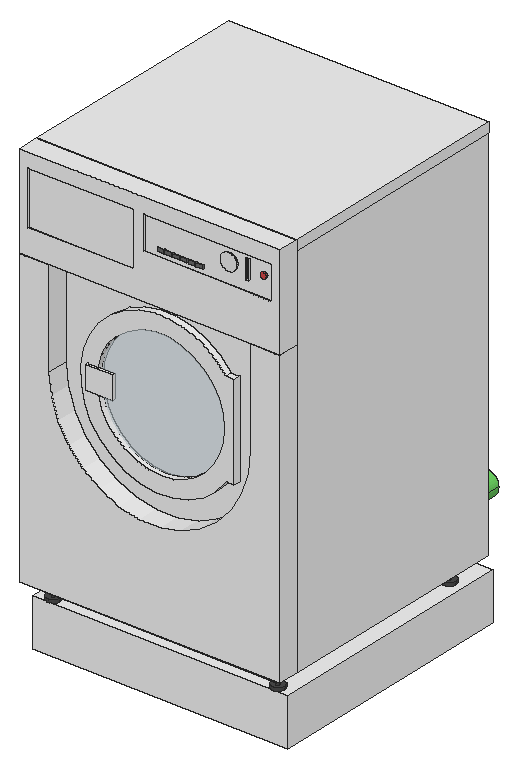
Revit family
Parameters (values of type "Washer_PW_6101_Miele")
  Warranty Duration (Years) = 0
  Voltage_MEP = 230 V
  URL = "http://www.professionallaundry.com/intro/default.asp"
  Specification = "http://www.arcat.com/sdspecs/htm/11110mpp.htm"
  Send Message = "http://www.arcat.com/users.pl?action=UserEmail&company=Miele%20Professional%20Products&coid=46081&rep=121&fax=609-419-4298&mf="
  Sales Information = "http://miele.com/locator/locator_new.asp?nav=800&snav=800&tnav=800&oT=7"
  Revision = "R1_03-2010"
  Product Properties = "http://www.arcat.com/bim/bim_info.pl?fn=Miele"
  Product Data = "http://www.arcat.com/arcatcos/cos46/arc46081.html"
  Model = "PW 6101"
  Manufacturer Website = "http://www.professionallaundry.com/intro/default.asp"
  Manufacturer Phone - Toll Free = "800-843-7231 "
  Manufacturer Phone = "609-419-9898 "
  Manufacturer Fax = "609-419-4298"
  Manufacturer Address = "9 Independence Way, Princeton, NJ 08540"
  Manufacturer = "Miele Professional Products"
  Maintenance Schedule (Months) = 0
  MEP Wattage = Voltage_MEP * MEP Amperage  # 5750 VA
  MEP Amperage = 25 A
  Keynote = "11 23 00"
  Installation-Fabrication = "http://www.professionallaundry.com/model/modelsintro.asp"
  Installation Phase = ""
  HW2 = Connection Dia HW / 2  # 0' - 0 1/4"
  Green Building-LEED = "http://www.arcat.com/green/clients/leed_data_46081.html"
  Expected Lifespan (Years) = 0
  Drawn By = "Robert S. Weygant, CSI, CDT, SCIP"
  Description = "Miele PW6101 Commercial Steam Extractors"
  DWV2 = Connection Dia DWV / 2  # 0' - 1 1/2"
  Copyright = "2010, ARCAT, Inc"
  Construction Details = "http://www.professionallaundry.com/model/modelsintro.asp"
  Connection Dia HW = 0' - 0 1/2"
  Connection Dia Electrical = 0' - 1"
  Connection Dia DWV = 0' - 3"
  Connection Dia CW = 0' - 0 1/2"
  Connect Dpth = -0' - 1"
  Circuits = 3
  Capacity = "23 Lbs"
  CW2 = Connection Dia CW / 2  # 0' - 0 1/4"
  Body Material = Metal - Stainless Steel
  Assembly Code = "E1090320"
Reference planes (in)
  plane 1 "Center (Front/Back)": y = 0
  plane 2: z = 0
  plane 3 "Center (Left/Right)": x = 0
  plane 4 "Connection Plane": y = 15.08871
  plane 5: z = 54.97762
Forms (in)
  Extrusion 1, solid, material "Electrical"
    sketch origin (6.25, 15.08871, 58.94681) x (-1, 0, 0) y (0, 0, -1)
      loop
        circle (19.22397, 6.9376) r 0.5
    from 0 to -1 <- "Connect Dpth"
  Extrusion 2, solid, material "Pb Sanitary"
    sketch origin (32.029, 15.08871, 19.36087) x (-1, 0, 0) y (0, 0, -1)
      loop
        circle (20.22397, 6.9376) r 1.5
    from 0 to -4.72826
  Extrusion 3, solid, material "Pb Supply Cold"
    sketch origin (16, 15.08871, 58.94681) x (-1, 0, 0) y (0, 0, -1)
      loop
        circle (18.97397, 6.9376) r 0.25
    from 0 to -1 <- "Connect Dpth"
  Extrusion 4, solid, material "Pb Supply Hot"
    sketch origin (22, 15.08871, 58.94681) x (-1, 0, 0) y (0, 0, -1)
      loop
        circle (18.97397, 6.9376) r 0.25
    from 0 to -1 <- "Connect Dpth"
  Extrusion 5, solid, material "Appliance Foot", not visible
    sketch origin (-17.94491, 0, 5.70173) x (1, 0, 0) y (0, 1, 0)
      loop
        circle (4.33957, -18.03075) r 0.81159
    from 0 to 0.32449
  Extrusion 6, solid, material "Appliance Foot", not visible
    sketch origin (-17.94491, 0, 5.70173) x (1, 0, 0) y (0, 1, 0)
      loop
        circle (4.31639, -18.03075) r 0.18544
    from 0.32449 to 1.15889
  Extrusion 7, solid, material "Appliance Foot"
    sketch origin (-17.94491, 3.96185, 5.70173) x (1, 0, 0) y (0, 1, 0)
      loop
        circle (4.33957, -18.03075) r 0.81159
    from 0 to 0.32449
  Extrusion 8, solid, material "Metal - Stainless Steel" <- "Body Material"
    sketch origin (0, 8.00677, 0) x (1, 0, 0) y (0, 0, 1)
      loop
        line (-14.41656, 7.88043) -> (-14.41656, 6.86061) -> (14.3702, 6.86061) -> (14.3702, 7.88043) -> (-14.41656, 7.88043)
    from -7.08195 to 23.09548
  Extrusion 9, solid, material "Metal - Stainless Steel" <- "Body Material"
    sketch origin (0, 8.00677, 0) x (1, 0, 0) y (0, 0, 1)
      loop
        line (-15.76087, 7.88043) -> (15.76087, 7.88043) -> (15.76087, 43.52781) -> (12.23785, 43.52781) -> (12.23785, 31.89258)
        arc (12.23785, 31.89258) -> (0, 19.65473) -> (-12.23785, 31.89258) r 12.23785
        line (-12.23785, 31.89258) -> (-12.23785, 43.52781) -> (-15.76087, 43.52781) -> (-15.76087, 7.88043)
    from 21.89024 to 24.43979
  Extrusion 10, solid, material "Metal - Stainless Steel" <- "Body Material"
    sketch origin (0, 8.00677, 0) x (1, 0, 0) y (0, 0, 1)
      loop
        line (-15.76087, 54.97762) -> (-15.76087, 43.59031) -> (15.76087, 43.59031) -> (15.76087, 54.97762) -> (-15.76087, 54.97762)
      loop
        line (-14.7874, 53.21611) -> (-14.7874, 46.67999) -> (-1.99329, 46.67999) -> (-1.99329, 53.21611) -> (-14.7874, 53.21611)
      loop
        line (-0.78804, 53.15361) -> (-0.78804, 49.04412) -> (14.7874, 49.04412) -> (14.7874, 53.15361) -> (-0.78804, 53.15361)
    from 21.89024 to 24.43979
  Extrusion 11, solid, material "Metal - Stainless Steel" <- "Body Material"
    sketch origin (0, 8.00677, 47.09719) x (1, 0, 0) y (0, 0, 1)
      loop
        line (-15.76087, 7.88043) -> (-15.76087, 6.69529) -> (15.76087, 6.69529) -> (15.76087, 7.88043) -> (-15.76087, 7.88043)
    from -7.26737 to 21.89024
  Extrusion 12, solid, material "Metal - Stainless Steel" <- "Body Material"
    sketch origin (0, 8.00677, 45.89194) x (1, 0, 0) y (0, 0, 1)
      loop
        line (-15.76087, 7.88043) -> (-15.76087, -38.01151) -> (15.76087, -38.01151) -> (15.76087, 7.88043) -> (-15.76087, 7.88043)
    from -7.08195 to 21.89024
  Extrusion 13, solid, material "Metal - Stainless Steel" <- "Body Material"
    sketch origin (0, 8.00677, 0) x (1, 0, 0) y (0, 0, 1)
      loop
        arc (7.8174, 37.73338) -> (-9.74919, 31.78085) -> (7.96514, 26.28357) r 9.75
        line (7.96514, 26.28357) -> (8.8539, 26.28357) -> (8.8539, 37.73338) -> (7.8174, 37.73338)
      loop
        circle (0, 31.90665) r 7.75
    from 21.89024 to 22.74493
  Extrusion 14, solid, material "Metal - Stainless Steel" <- "Body Material"
    sketch origin (0, 8.00677, 0) x (1, 0, 0) y (0, 0, 1)
      loop
        line (-8.8539, 33.28325) -> (-8.8539, 30.53325) -> (-5.6039, 30.53325) -> (-5.6039, 33.28325) -> (-8.8539, 33.28325)
    from 22.74493 to 23.09548
  Extrusion 15, solid, material "Glass - Laundry"
    sketch origin (0, 8.00677, 0) x (1, 0, 0) y (0, 0, 1)
      loop
        circle (0, 31.90665) r 7.75
    from 21.89024 to 22.16783
  Extrusion 16, solid, material "Metal - Stainless Steel" <- "Body Material"
    sketch origin (0, 8.00677, 0) x (1, 0, 0) y (0, 0, 1)
      loop
        line (-0.78804, 53.15361) -> (-0.78804, 49.04412) -> (14.7874, 49.04412) -> (14.7874, 53.15361) -> (-0.78804, 53.15361)
    from 21.89024 to 24.30019
  Extrusion 17, solid, material "Metal - Stainless Steel" <- "Body Material"
    sketch origin (0, 8.00677, 0) x (1, 0, 0) y (0, 0, 1)
      loop
        line (-14.7874, 53.21611) -> (-14.7874, 46.67999) -> (-1.99329, 46.67999) -> (-1.99329, 53.21611) -> (-14.7874, 53.21611)
    from 21.89024 to 24.30019
  Extrusion 18, solid, material "Appliance Foot"
    sketch origin (-17.94491, 3.96185, 5.70173) x (1, 0, 0) y (0, 1, 0)
      loop
        circle (4.31639, -18.03075) r 0.18544
    from 0.32449 to 1.15889
  Extrusion 19, solid, material "Appliance Foot"
    sketch origin (-17.94491, 29.96729, 5.70173) x (1, 0, 0) y (0, 1, 0)
      loop
        circle (4.33957, -18.03075) r 0.81159
    from 0 to 0.32449
  Extrusion 20, solid, material "Appliance Foot"
    sketch origin (-17.94491, 29.96729, 5.70173) x (1, 0, 0) y (0, 1, 0)
      loop
        circle (4.31639, -18.03075) r 0.18544
    from 0.32449 to 1.15889
  Extrusion 21, solid, material "Appliance Foot"
    sketch origin (9.31212, 3.96185, 5.70173) x (1, 0, 0) y (0, 1, 0)
      loop
        circle (4.33957, -18.03075) r 0.81159
    from 0 to 0.32449
  Extrusion 22, solid, material "Appliance Foot"
    sketch origin (9.31212, 3.96185, 5.70173) x (1, 0, 0) y (0, 1, 0)
      loop
        circle (4.31639, -18.03075) r 0.18544
    from 0.32449 to 1.15889
  Extrusion 23, solid, material "Appliance Foot"
    sketch origin (9.31212, 29.96729, 5.70173) x (1, 0, 0) y (0, 1, 0)
      loop
        circle (4.33957, -18.03075) r 0.81159
    from 0 to 0.32449
  Extrusion 24, solid, material "Appliance Foot"
    sketch origin (9.31212, 29.96729, 5.70173) x (1, 0, 0) y (0, 1, 0)
      loop
        circle (4.31639, -18.03075) r 0.18544
    from 0.32449 to 1.15889
  Extrusion 25, solid, material "Pb Supply Cold"
    sketch origin (14, 15.08871, 58.94681) x (-1, 0, 0) y (0, 0, -1)
      loop
        circle (18.97397, 6.9376) r 0.25
    from 0 to -1 <- "Connect Dpth"
  Extrusion 26, solid, material "Pb Supply Cold"
    sketch origin (12, 15.08871, 58.94681) x (-1, 0, 0) y (0, 0, -1)
      loop
        circle (18.97397, 6.9376) r 0.25
    from 0 to -1 <- "Connect Dpth"
  Extrusion 27, solid, material "Black"
    sketch origin (0, -16.29342, 0) x (1, 0, 0) y (0, 0, 1)
      loop
        line (0.88075, 50.06394) -> (0.88075, 49.64674) -> (1.6688, 49.64674) -> (1.6688, 50.06394) -> (0.88075, 50.06394)
      loop
        line (1.80786, 50.06394) -> (1.80786, 49.64674) -> (2.64226, 49.64674) -> (2.64226, 50.06394) -> (1.80786, 50.06394)
      loop
        line (2.78133, 50.06394) -> (2.78133, 49.64674) -> (3.56937, 49.64674) -> (3.56937, 50.06394) -> (2.78133, 50.06394)
      loop
        line (3.70844, 50.06394) -> (3.70844, 49.64674) -> (4.49648, 49.64674) -> (4.49648, 50.06394) -> (3.70844, 50.06394)
      loop
        line (4.68191, 50.06394) -> (4.68191, 49.64674) -> (5.46995, 49.64674) -> (5.46995, 50.06394) -> (4.68191, 50.06394)
      loop
        line (5.60902, 50.06394) -> (5.60902, 49.64674) -> (6.39706, 49.64674) -> (6.39706, 50.06394) -> (5.60902, 50.06394)
    from 0 to 0.125
  Extrusion 28, solid, material "White"
    sketch origin (4.03804, -16.29342, 0.33129) x (1, 0, 0) y (0, 0, 1)
      loop
        circle (5.51119, 51.18949) r 1
    from 0 to 0.125
  Extrusion 29, solid, material "White"
    sketch origin (6.30948, -16.29342, 0.33129) x (1, 0, 0) y (0, 0, 1)
      loop
        line (5.32575, 52.37491) -> (5.32575, 50.01078) -> (5.6966, 50.01078) -> (5.6966, 52.37491) -> (5.32575, 52.37491)
      loop
        line (5.46482, 52.23439) -> (5.46482, 50.14955) -> (5.55753, 50.14955) -> (5.55753, 52.23439) -> (5.46482, 52.23439)
    from 0 to 0.125
  Extrusion 30, solid, material "Red"
    sketch origin (8.25902, -16.29342, 0.33129) x (1, 0, 0) y (0, 0, 1)
      loop
        circle (5.51119, 51.18949) r 0.36667
    from 0 to 0.125
Lines and regions (in)
  Split face 1
    outline origin (0, -16.29342, 0) x (1, 0, 0) y (0, 0, 1)
      loop
        line (0.37084, 52.61349) -> (0.37084, 50.43478) -> (9.54923, 50.43478)
        arc (9.54923, 50.43478) -> (10.63859, 51.52414) -> (9.54923, 52.61349) r 1.08935
        line (9.54923, 52.61349) -> (0.37084, 52.61349)
  Split face 2
    outline origin (0, -16.29342, 0) x (1, 0, 0) y (0, 0, 1)
      loop
        circle (13.77021, 51.52078) r 0.48943
  symbolic lines, style "MechanicalEquipmentHiddenLines"
    curve 1: line (19.7938, -29.78341, 0) -> (6.8891, -16.87871, 0)
    curve 2: line (20.48913, -28.99536, 0) -> (8.15857, -16.6648, 0)
    curve 3: line (19.7938, -29.78341, 0) -> (20.48913, -28.99536, 0)
    curve 4: arc (-9.73465, -16.43302, 0) -> (0.88305, -32.27951, 0) -> (19.7938, -29.78341, 0) r 18.07468
    curve 5: arc (0, -16.43681, 38.02519) -> (0, -33.78532, 31.90973) -> (0, -16.42926, 25.81573) r 9.75
    curve 6: arc (0, -16.42587, 33.4599) -> (0, -31.79986, 31.90143) -> (0, -16.42022, 30.39972) r 7.76455
    curve 7: circle (0, -24.03533, 31.91576) r 7.25 normal (1, 0, 0)
    curve 8: line (0, -32.19389, 49.98506) -> (0, -32.19389, 46.27662)
    curve 9: line (0, -32.19389, 46.27662) -> (0, -30.98865, 46.27662)
    curve 10: line (0, -30.98865, 46.27662) -> (0, -30.98865, 49.28865)
    curve 11: line (0, -30.18047, 49.19467) -> (0, -32.19389, 49.42879)
    curve 12: line (0, -16.43302, 49.98506) -> (0, -32.19389, 49.98506)
    curve 13: line (0, -29.41256, 46.27662) -> (0, -30.18047, 49.19467)
    curve 14: line (0, -16.43302, 46.27662) -> (0, -29.41256, 46.27662)
Dimensions and locks (in)
  "Connection Dia Electrical": Extrusion 1 sketch curve to Extrusion 1 sketch curve
  "Connection Dia DWV": Extrusion 2 sketch curve to Extrusion 2 sketch curve
  "Connection Dia CW": Extrusion 3 sketch curve to Extrusion 3 sketch curve
  "Connection Dia HW": Extrusion 4 sketch curve to Extrusion 4 sketch curve
  "Connection Dia CW": Extrusion 25 sketch curve to Extrusion 25 sketch curve
  "Connection Dia CW": Extrusion 26 sketch curve to Extrusion 26 sketch curve
  aligned and locked: Extrusion 1 to Extrusion 3
  aligned and locked: Extrusion 1 to Extrusion 4
Automatic sketch dimensions
  curve 4 to plane 3 "Center (Left/Right)" = 0' - 9.73465"
  plane 3 "Center (Left/Right)" to curve 1 = 0' - 6.8891"
  curve 1 to curve 2 = 0' - 1.26947"
  curve 2 to curve 4 = 0' - 0.17071"
  curve 2 to curve 3 = 0' - 11.63523"
  curve 1 to curve 2 = 0' - 0 89/128"
  plane 1 "Center (Front/Back)" to curve 1 = 2' - 5.78341"
  curve 1 to curve 3 = 0' - 0.78804"
  plane 1 "Center (Front/Back)" to curve 1 = 1' - 4.87871"
  curve 1 to curve 2 = 0' - 0.21391"
  plane 1 "Center (Front/Back)" to curve 4 = 1' - 4.43302"
  curve 5 to curve 6 = 0' - 0"  (x2)
  curve 5 to curve 7 = 0' - 0"  (x2)
  curve 6 to curve 7 = 0' - 0"  (x2)
  plane 1 "Center (Front/Back)" to curve 6 = 2' - 0.03533"
  curve 5 to curve 5 = 0' - 7.59851"
  curve 5 to curve 5 = 0' - 7.60606"
  curve 5 to curve 6 = 0' - 0.01094"
  curve 6 to curve 6 = 0' - 0.00565"
  level to curve 5 = 2' - 1.81573"
  curve 5 to curve 6 = 0' - 4.58399"
  curve 6 to curve 6 = 0' - 1.51604"
  Extrusion 1 sketch curve to Extrusion 1 sketch curve = 0' - 0"  (x2)
  Extrusion 1 sketch curve to plane 5 = 0' - 2.96841"
  Extrusion 1 sketch curve to plane 3 "Center (Left/Right)" = 1' - 0.47397"
  Extrusion 2 sketch curve to Extrusion 2 sketch curve = 0' - 0"  (x2)
  plane 3 "Center (Left/Right)" to Extrusion 2 sketch curve = 1' - 1.30503"
  level to Extrusion 2 sketch curve = 1' - 0.42327"
  Extrusion 3 sketch curve to Extrusion 3 sketch curve = 0' - 0"  (x2)
  Extrusion 3 sketch curve to plane 3 "Center (Left/Right)" = 0' - 2.72397"
  Extrusion 3 sketch curve to plane 5 = 0' - 2.96841"
  Extrusion 4 sketch curve to Extrusion 4 sketch curve = 0' - 0"  (x2)
  plane 3 "Center (Left/Right)" to Extrusion 4 sketch curve = 0' - 3.27603"
  Extrusion 4 sketch curve to plane 5 = 0' - 2.96841"
  level to Extrusion 8 sketch curve = 0' - 6.86061"
  Extrusion 8 sketch curve to plane 3 "Center (Left/Right)" = 1' - 2.41656"
  plane 3 "Center (Left/Right)" to Extrusion 8 sketch curve = 1' - 2.3702"
  Extrusion 8 sketch curve to Extrusion 8 sketch curve = 0' - 1.01982"
  Extrusion 9 sketch curve to plane 3 "Center (Left/Right)" = 0' - 0"
  Extrusion 9 sketch curve to Extrusion 9 sketch curve = 1' - 0.23785"
  level to Extrusion 9 sketch curve = 0' - 7.88043"
  Extrusion 9 sketch curve to plane 3 "Center (Left/Right)" = 1' - 3.76087"
  plane 3 "Center (Left/Right)" to Extrusion 9 sketch curve = 1' - 3.76087"
  Extrusion 9 sketch curve to plane 5 = 1' - 11.08504"
  Extrusion 9 sketch curve to Extrusion 9 sketch curve = 0' - 0"
  Extrusion 9 sketch curve to plane 5 = 0' - 11.44981"  (x2)
  Extrusion 10 sketch curve to plane 5 = 0' - 0"
  Extrusion 10 sketch curve to plane 3 "Center (Left/Right)" = 1' - 3.76087"
  Extrusion 10 sketch curve to Extrusion 10 sketch curve = 0' - 0.97347"  (x2)
  Extrusion 10 sketch curve to plane 3 "Center (Left/Right)" = 0' - 1.99329"
  Extrusion 10 sketch curve to plane 3 "Center (Left/Right)" = 0' - 0.78804"
  Extrusion 10 sketch curve to plane 5 = 0' - 1.82401"
  plane 3 "Center (Left/Right)" to Extrusion 10 sketch curve = 1' - 2.7874"
  Extrusion 10 sketch curve to Extrusion 10 sketch curve = 0' - 4.10949"
  Extrusion 10 sketch curve to plane 5 = 0' - 8.29763"
  Extrusion 10 sketch curve to Extrusion 10 sketch curve = 0' - 3.08967"
  Extrusion 10 sketch curve to Extrusion 10 sketch curve = 0' - 0 1/16"
  Extrusion 11 sketch curve to plane 5 = 0' - 0"
  Extrusion 11 sketch curve to plane 5 = 0' - 1.18514"
  Extrusion 11 sketch curve to plane 3 "Center (Left/Right)" = 1' - 3.76087"
  plane 3 "Center (Left/Right)" to Extrusion 11 sketch curve = 1' - 3.76087"
  level to Extrusion 12 sketch curve = 0' - 7.88043"
  Extrusion 12 sketch curve to plane 3 "Center (Left/Right)" = 1' - 3.76087"
  plane 3 "Center (Left/Right)" to Extrusion 12 sketch curve = 1' - 3.76087"
  Extrusion 12 sketch curve to plane 5 = 0' - 1.20524"
  Extrusion 13 sketch curve to Extrusion 13 sketch curve = 0' - 0"  (x2)
  Extrusion 13 sketch curve to plane 3 "Center (Left/Right)" = 0' - 0"
  plane 3 "Center (Left/Right)" to Extrusion 13 sketch curve = 0' - 7.8174"
  plane 3 "Center (Left/Right)" to Extrusion 13 sketch curve = 0' - 7.96514"
  Extrusion 13 sketch curve to Extrusion 13 sketch curve = 0' - 0.88876"
  level to Extrusion 13 sketch curve = 2' - 2.28357"
  Extrusion 13 sketch curve to Extrusion 13 sketch curve = 0' - 5.62308"
  Extrusion 14 sketch curve to plane 3 "Center (Left/Right)" = 0' - 8.8539"
  Extrusion 14 sketch curve to Extrusion 14 sketch curve = 0' - 3 1/4"
  Extrusion 14 sketch curve to plane 5 = 2' - 0.44437"
  Extrusion 14 sketch curve to Extrusion 14 sketch curve = 0' - 2 3/4"
  Extrusion 15 sketch curve to plane 3 "Center (Left/Right)" = 0' - 0"
  Extrusion 15 sketch curve to plane 5 = 1' - 11.07097"
  Extrusion 16 sketch curve to plane 3 "Center (Left/Right)" = 0' - 0.78804"
  Extrusion 16 sketch curve to plane 5 = 0' - 5.9335"
  plane 3 "Center (Left/Right)" to Extrusion 16 sketch curve = 1' - 2.7874"
  Extrusion 16 sketch curve to plane 5 = 0' - 1.82401"
  Extrusion 17 sketch curve to plane 3 "Center (Left/Right)" = 1' - 2.7874"
  Extrusion 17 sketch curve to plane 3 "Center (Left/Right)" = 0' - 1.99329"
  Extrusion 17 sketch curve to plane 5 = 0' - 8.29763"
  Extrusion 17 sketch curve to plane 5 = 0' - 1.76151"
  Extrusion 25 sketch curve to Extrusion 25 sketch curve = 0' - 0"  (x2)
  Extrusion 25 sketch curve to plane 3 "Center (Left/Right)" = 0' - 4.72397"
  Extrusion 25 sketch curve to plane 5 = 0' - 2.96841"
  Extrusion 26 sketch curve to Extrusion 26 sketch curve = 0' - 0"  (x2)
  Extrusion 26 sketch curve to plane 5 = 0' - 2.96841"
  Extrusion 26 sketch curve to plane 3 "Center (Left/Right)" = 0' - 6.72397"
  Extrusion 27 sketch curve to Extrusion 16 = 0' - 0.60262"  (x2)
  Extrusion 27 sketch curve to Extrusion 16 = 0' - 1.6688"
  Extrusion 27 sketch curve to Extrusion 27 sketch curve = 0' - 0.78804"  (x5)
  Extrusion 27 sketch curve to Extrusion 27 sketch curve = 0' - 0.13907"  (x4)
  Extrusion 27 sketch curve to Extrusion 27 sketch curve = 0' - 0.8344"
  Extrusion 27 sketch curve to Extrusion 27 sketch curve = 0' - 0.18542"
  Extrusion 27 sketch curve to Extrusion 27 sketch curve = 0' - 0"  (x8)
  Extrusion 27 sketch curve to Extrusion 27 sketch curve = 0' - 0.4172"  (x2)
  Split face 1 sketch curve to Extrusion 16 = 0' - 1.15889"
  Split face 1 sketch curve to Extrusion 16 = 0' - 1.39066"
  Split face 1 sketch curve to Extrusion 16 = 0' - 5.23817"
  Split face 1 sketch curve to Split face 1 sketch curve = 0' - 1.08935"
  Extrusion 28 sketch curve to Extrusion 16 = 0' - 1 81/128"
  Extrusion 28 sketch curve to Extrusion 16 = 0' - 5.23817"
  Extrusion 29 sketch curve to Extrusion 16 = 0' - 1.29795"
  Extrusion 29 sketch curve to Extrusion 16 = 0' - 3.15217"
  Extrusion 29 sketch curve to Extrusion 29 sketch curve = 0' - 0.13907"  (x2)
  Extrusion 29 sketch curve to Extrusion 29 sketch curve = 0' - 0.09271"
  Extrusion 29 sketch curve to Extrusion 29 sketch curve = 0' - 0.13877"
  Extrusion 29 sketch curve to Extrusion 16 = 0' - 0.58793"
  Extrusion 29 sketch curve to Extrusion 29 sketch curve = 0' - 0.14052"
  Extrusion 30 sketch curve to Extrusion 16 = 0' - 1.0172"
  Extrusion 30 sketch curve to Extrusion 16 = 0' - 1 81/128"
  Split face 2 sketch curve to Extrusion 16 = 0' - 1.0172"
  Split face 2 sketch curve to Extrusion 16 = 0' - 1 81/128"
  curve 8 to plane 5 = 0' - 4.99256"
  plane 1 "Center (Front/Back)" to curve 8 = 2' - 8.19389"
  curve 11 to plane 5 = 0' - 5.54883"
  curve 11 to curve 10 = 0' - 1.20524"
  curve 10 to curve 11 = 0' - 0.80818"
  curve 9 to curve 13 = 0' - 1.57609"
  curve 13 to curve 14 = 1' - 0.97954"
  curve 12 to curve 14 = 0' - 0"
  curve 10 to curve 13 = 0' - 0"
  curve 13 to curve 10 = 0' - 0.09397"
  curve 14 to curve 12 = 0' - 3.70844"
  radius of Extrusion 5 sketch curve = 0' - 0.81159"
  radius of Extrusion 6 sketch curve = 0' - 0.18544"
  radius of Extrusion 7 sketch curve = 0' - 0.81159"
  radius of Extrusion 18 sketch curve = 0' - 0.18544"
  radius of Extrusion 19 sketch curve = 0' - 0.81159"
  radius of Extrusion 20 sketch curve = 0' - 0.18544"
  radius of Extrusion 21 sketch curve = 0' - 0.81159"
  radius of Extrusion 22 sketch curve = 0' - 0.18544"
  radius of Extrusion 23 sketch curve = 0' - 0.81159"
  radius of Extrusion 24 sketch curve = 0' - 0.18544"
  radius of curve 7 = 0' - 7 1/4"
  radius of Extrusion 13 sketch curve = 0' - 7 3/4"
  radius of Extrusion 15 sketch curve = 0' - 7 3/4"
  radius of Extrusion 28 sketch curve = 0' - 1"
  radius of Extrusion 30 sketch curve = 0' - 0.36667"
  radius of Split face 2 sketch curve = 0' - 0.48943"
Nested families (in)
  nested 1: "UG_6010_Base_Miele" at (0, 0.71851, 0), type "ByType"
Connectors (in)
  electrical at (-12.97397, 16.08871, 52.00921), driven by "Voltage_MEP", driven by "MEP Wattage"
    settings: on Extrusion 1, index 1
  piping at (3.02603, 16.08871, 52.00921), driven by "HW2"
    settings: on Extrusion 4, index 2
  piping at (-2.97397, 16.08871, 52.00921), driven by "CW2"
    settings: on Extrusion 3, index 3
  piping at (11.80503, 19.81698, 12.42327), driven by "DWV2"
    settings: on Extrusion 2, index 5
  piping at (-4.97397, 16.08871, 52.00921), driven by "CW2"
    settings: on Extrusion 25, index 6
  piping at (-6.97397, 16.08871, 52.00921), driven by "CW2"
    settings: on Extrusion 26, index 7
Definition of nested family "UG_6010_Base_Miele"
  Parameters (values of type "ByType")
    Width = 2' - 6.87276"
    Warranty Duration (Years) = 0
    URL = "http://www.professionallaundry.com/intro/default.asp"
    Specification = "http://www.arcat.com/sdspecs/htm/11110mpp.htm"
    Send Message = "http://www.arcat.com/users.pl?action=UserEmail&company=Miele%20Professional%20Products&coid=46081&rep=121&fax=609-419-4298&mf="
    Sales Information = "http://miele.com/locator/locator_new.asp?nav=800&snav=800&tnav=800&oT=7"
    Revision = "R1_03-2010"
    Product Properties = "http://www.arcat.com/bim/bim_info.pl?fn=Miele"
    Product Data = "http://www.arcat.com/arcatcos/cos46/arc46081.html"
    Model = "As Specified in 11 23 00"
    Material = Metal - Stainless Steel
    Manufacturer Website = "http://www.professionallaundry.com/intro/default.asp"
    Manufacturer Phone - Toll Free = "800-843-7231 "
    Manufacturer Phone = "609-419-9898 "
    Manufacturer Fax = "609-419-4298"
    Manufacturer Address = "9 Independence Way, Princeton, NJ 08540"
    Manufacturer = "Miele Professional Products"
    Maintenance Schedule (Months) = 0
    Length = 2' - 7.1509"
    Keynote = "11 23 00"
    Installation-Fabrication = "http://www.professionallaundry.com/model/modelsintro.asp"
    Installation Phase = ""
    Height = 0' - 5.70173"
    Green Building-LEED = "http://www.arcat.com/green/clients/leed_data_46081.html"
    Expected Lifespan (Years) = 0
    Drawn By = "Robert S. Weygant, CSI, CDT, SCIP"
    Description = "As Specified in 11 23 00"
    Copyright = "2010, ARCAT, Inc"
    Construction Details = "http://www.professionallaundry.com/model/modelsintro.asp"
    Assembly Code = "E1090320"
  Reference planes (in)
    plane 1 "Center (Front/Back)": y = 0
    plane 2: z = 0
    plane 3 "Center (Left/Right)": x = 0
    plane 4: y = 15.57545
    plane 5: x = 15.43638
    plane 6: x = -15.43638
    plane 7: y = -15.57545
    plane 8: z = 5.70173
  Forms (in)
    Extrusion 1, solid, material "Metal - Stainless Steel" <- "Material"
      sketch origin (0, 7.28826, 0) x (1, 0, 0) y (0, 0, 1)
        loop
          line (-15.43638, 5.70173) -> (-15.43638, 0) -> (15.43638, 0) -> (15.43638, 5.70173) -> (-15.43638, 5.70173)
      from -8.28719 to 22.86371
  Dimensions and locks (in)
    equal spacing: plane 6, plane 3 "Center (Left/Right)", plane 5
    "Width": plane 6 to plane 5
    equal spacing: plane 4, plane 1 "Center (Front/Back)", plane 7
    "Length": plane 4 to plane 7
    "Height": plane 8 to level
    aligned and locked: plane 8 to Extrusion 1
    aligned and locked: Extrusion 1 to plane 6
    aligned and locked: Extrusion 1 to plane 5
    aligned and locked: plane 4 to Extrusion 1
    aligned and locked: Extrusion 1 to plane 7
  Automatic sketch dimensions
    Extrusion 1 sketch curve to level = 0' - 0"
    Extrusion 1 sketch curve to plane 5 = 0' - 0"
    plane 6 to Extrusion 1 sketch curve = 0' - 0"
    level to Extrusion 1 sketch curve = 0' - 5.70173"
